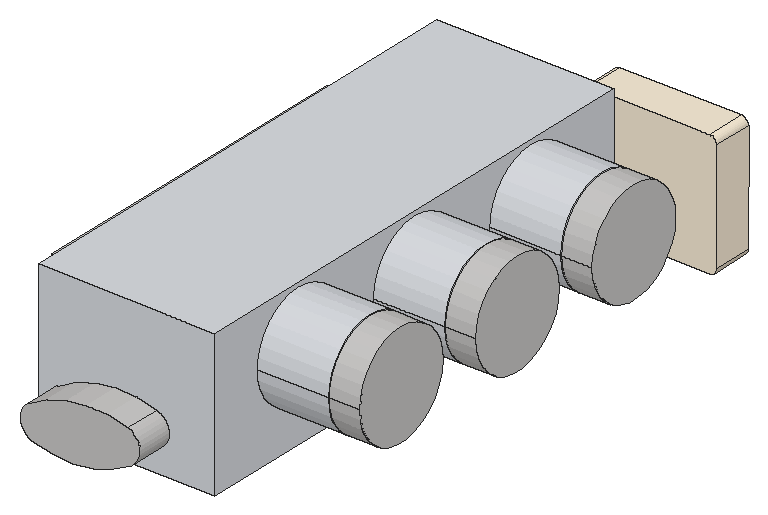
Revit family "HVAC_Ductwork_Airzone_Motorized-Plenum_Kaysun_Low-Profile_3-Dampers", category Mechanical Equipment, Revit 2016
Family settings
  Part Type = Normal
  Round Connector Dimension = Use Diameter
  OmniClass Number = 23.75.70.14
  OmniClass Title = Air Ductwork
  Work Plane-Based = No
  Always vertical = Yes
  Cut with Voids When Loaded = No
  Shared = No
  Room Calculation Point = No
Parameters (values of type "KAYSL01S3")
  Voltage = 230 V
  URL = "www.airzone.es"
  Type Image Comments = "Image available in product documentation download"  # constant formula
  Revit Model Version = "1.0"  # constant formula
  Revit Model Author URL = "www.a3d.es"
  Revit Model Author = "A3D Consulting"  # constant formula
  Product Documentation Download URL = "http://doc.airzone.es/BIM/Easyzone/Kaysun-Airzone_motorized_plenum.zip"
  Product Comments = "Refer to technical documentation for further details"  # constant formula
  Power Factor = 1
  Neck Width = 496.600 mm
  Neck Length = 40.000 mm
  Neck Height = 122.600 mm
  Material = Metal - AIRZONE - Galvanized Sheet - Semi-polished
  Main Control Board Material = Plastic - AIRZONE - Smooth - Off-white
  Load Classification = Other
  Insulated Body Width = 255.000 mm  # constant formula
  Insulated Body Material = Metal -AIRZONE - Insulating Lining -Aluminum Finish
  Insulated Body Length = 720.000 mm  # constant formula
  Insulated Body Height = 210.000 mm  # constant formula
  Flow [instance] = Damper 3 Air Flow + Damper 2 Air Flow + Damper 1 Air Flow - Fresh Air Inlet 2 Flow - Fresh Air Inlet 1 Flow  # 900 m³/h
  Fresh Air Inlet 1 Flow [instance] = 0 m³/h
  Fresh Air Inlet 2 Flow [instance] = 0 m³/h
  Fresh Air Inlet Connection Width = 175.000 mm
  Fresh Air Inlet Connection Height = 75.000 mm
  Model = "KAISL01S3"
  Neck Side Offset = 150.200 mm
  Neck Bottom Offset = 54.200 mm
  Type Image = <None>
  Manufacturer = "AIRZONE"  # constant formula
  Main Control Board Depth = 57.000 mm  # constant formula
  Main Control Board Width = 195.000 mm  # constant formula
  Main Control Board Height = 180.000 mm  # constant formula
  Fixing = ""
  Disclaimer = "All information provided in this model is reviewed before being published. However, Airzone cannot guarantee this model is error-free, therefore users are strongly encouraged to check for technical documentation and updates"  # constant formula
  Description = "Airzone low profile motorized plenum with neck that mechanically adapts to the main ducted AC units of Kaysun."
  Type Comments = ""
  Dampers Length = 149.000 mm  # constant formula
  Dampers Diameter = 150.000 mm  # constant formula
  Damper 1 Air Flow [instance] = 300 m³/h
  Damper 2 Air Flow [instance] = 300 m³/h
  Damper 3 Air Flow [instance] = 300 m³/h
  Fresh Air Inlet Connection Offset Height = 48.305 mm  # constant formula
  Compatible Accesories = ""
  Apparent Load = 57.5 VA
Reference planes
  plane 1 "Center (Front/Back)": y = 0
  plane 2 "Center (Elevation)": z = 0
  plane 3 "Center (Left/Right)": x = 0
  plane 4 "Neck Back": y = 248.3
  plane 5 "Neck Front": y = -248.3
  plane 6 "Neck Top": z = 61.3
  plane 7 "Neck Bottom": z = -61.3
  plane 8 "Left": x = 40
  plane 9 "Bottom": z = -115.5
  plane 10 "Top": z = 94.5
  plane 11 "Front": y = -321.5
  plane 12 "Back": y = 398.5
  plane 13 "Right": x = 295
  plane 14 "Dampers Front": x = 444
  plane 15 "Dampers Center (Elevation)": z = 14.5
  plane 16 "Damper3": y = -171.5
  plane 17 "Damper2": y = 38.5
  plane 18 "Damper1": y = 248.5
  plane 19 "Middle": y = 38.5
  plane 20 "FreshAir Center (Elevation)": z = -67.195
  plane 21 "FreshAir1": y = 451
  plane 22 "FreshAir2": y = -374
  plane 23 "Dampers Lining": x = 399
  plane 24 "FreshAir Vertical Axis": x = 142.04
  plane 25 "ConnectionBox Side": x = 249
  plane 26 "Main Control Board Center (Left/Right)": x = 346.5
Forms (mm)
  Extrusion 1, solid, material "Metal - AIRZONE - Galvanized Sheet - Semi-polished" <- "Material"
    sketch origin (0, 0, 0) x (0, 1, 0) y (0, 0, 1)
      loop
        line (-248.3, 61.3) -> (-248.3, -61.3) -> (248.3, -61.3) -> (248.3, 61.3) -> (-248.3, 61.3)
    from 0 to 40
  Extrusion 2, solid, material "Metal -AIRZONE - Insulating Lining -Aluminum Finish" <- "Insulated Body Material"
    sketch origin (40, 0, 0) x (0, 1, 0) y (0, 0, 1)
      loop
        line (-321.5, 94.5) -> (-321.5, -115.5) -> (398.5, -115.5) -> (398.5, 94.5) -> (-321.5, 94.5)
    from 0 to 255
  Extrusion 3, solid, material "Metal - AIRZONE - Galvanized Sheet - Semi-polished" <- "Material"
    sketch origin (295, 0, 0) x (0, 1, 0) y (0, 0, 1)
      loop
        circle (-171.5, 14.5) r 75
    from 104 to 149
  Extrusion 4, solid, material "Metal - AIRZONE - Galvanized Sheet - Semi-polished" <- "Material"
    sketch origin (295, 0, 0) x (0, 1, 0) y (0, 0, 1)
      loop
        circle (38.5, 14.5) r 75
    from 104 to 149
  Extrusion 5, solid, material "Metal - AIRZONE - Galvanized Sheet - Semi-polished" <- "Material"
    sketch origin (295, 0, 0) x (0, 1, 0) y (0, 0, 1)
      loop
        circle (248.5, 14.5) r 75
    from 104 to 149
  Extrusion 6, solid, material "Metal - AIRZONE - Galvanized Sheet - Semi-polished" <- "Material"
    sketch origin (0, -321.5, 0) x (0, 0, 1) y (1, 0, 0)
      loop
        arc (-34.641, 211.414) -> (-56.108, 228.315) -> (-80.812, 216.644) r 25.96
        arc (-80.812, 216.644) -> (-106.802, 146.808) -> (-99.349, 72.666) r 164.67
        arc (-99.349, 72.666) -> (-78.165, 55.799) -> (-53.494, 66.961) r 25.96
        arc (-53.494, 66.961) -> (-27.225, 136.99) -> (-34.641, 211.414) r 164.67
    from 0 to -52.5
  Extrusion 7, solid, material "Metal - AIRZONE - Galvanized Sheet - Semi-polished" <- "Material"
    sketch origin (0, 398.5, 0) x (0, 0, 1) y (1, 0, 0)
      loop
        arc (-34.641, 211.414) -> (-55.825, 228.281) -> (-80.496, 217.119) r 25.96
        arc (-80.496, 217.119) -> (-106.679, 147.74) -> (-99.767, 73.909) r 164.67
        arc (-99.767, 73.909) -> (-78.532, 55.847) -> (-53.178, 67.436) r 25.96
        arc (-53.178, 67.436) -> (-27.188, 137.272) -> (-34.641, 211.414) r 164.67
    from 0 to 52.5
  Extrusion 8, solid, material "Metal -AIRZONE - Insulating Lining -Aluminum Finish" <- "Insulated Body Material"
    sketch origin (295, 0, 0) x (0, 1, 0) y (0, 0, 1)
      loop
        circle (248.5, 14.5) r 75
    from 0 to 104
  Extrusion 9, solid, material "Metal -AIRZONE - Insulating Lining -Aluminum Finish" <- "Insulated Body Material"
    sketch origin (295, -260, 0) x (0, 1, 0) y (0, 0, 1)
      loop
        circle (298.5, 14.5) r 75
    from 0 to 104
  Extrusion 10, solid, material "Metal -AIRZONE - Insulating Lining -Aluminum Finish" <- "Insulated Body Material"
    sketch origin (295, -520, 0) x (0, 1, 0) y (0, 0, 1)
      loop
        circle (348.5, 14.5) r 75
    from 0 to 104
Lines and regions (mm)
  Masking region 1
    outline origin (0, 0, 0) x (1, 0, 0) y (0, 1, 0)
      loop
        line (40, 398.5) -> (40, -321.5) -> (295, -321.5) -> (295, 398.5) -> (40, 398.5)
  Masking region 2, detail levels medium+fine
    outline origin (0, 0, 0) x (1, 0, 0) y (0, 1, 0)
      loop
        line (0, 248.3) -> (0, -248.3) -> (40, -248.3) -> (40, 248.3) -> (0, 248.3)
  Masking region 3, detail levels medium+fine
    outline origin (0, 0, 0) x (1, 0, 0) y (0, 1, 0)
      loop
        line (295, -96.5) -> (295, -246.5) -> (444, -246.5) -> (444, -96.5) -> (295, -96.5)
  Masking region 4, detail levels medium+fine
    outline origin (0, 260, 0) x (1, 0, 0) y (0, 1, 0)
      loop
        line (295, -146.5) -> (295, -296.5) -> (444, -296.5) -> (444, -146.5) -> (295, -146.5)
  Masking region 5, detail levels medium+fine
    outline origin (0, 520, 0) x (1, 0, 0) y (0, 1, 0)
      loop
        line (295, -196.5) -> (295, -346.5) -> (444, -346.5) -> (444, -196.5) -> (295, -196.5)
  Masking region 6, detail levels medium+fine
    outline origin (0, 0, -67.195) x (1, 0, 0) y (0, 1, 0)
      loop
        line (54.54, 451) -> (54.54, 398.5) -> (229.54, 398.5) -> (229.54, 451) -> (54.54, 451)
  Masking region 7, detail levels medium+fine
    outline origin (0, 0, -67.195) x (1, 0, 0) y (0, 1, 0)
      loop
        line (54.54, -321.5) -> (54.54, -374) -> (229.54, -374) -> (229.54, -321.5) -> (54.54, -321.5)
  Masking region 8, detail levels medium+fine
    outline origin (0, 0, 94.5) x (0, -1, 0) y (1, 0, 0)
      loop
        line (-455.5, 249) -> (-398.5, 249) -> (-398.5, 444) -> (-455.5, 444) -> (-455.5, 249)
  symbolic lines, detail levels coarse
    curve 1: line (40, -321.5, 0) -> (295, 38.5, 0)
    curve 2: line (295, 38.5, 0) -> (40, 398.5, 0)
Dimensions and locks
  equal spacing: plane 4 "Neck Back", plane 1 "Center (Front/Back)", plane 5 "Neck Front"
  "Neck Width": plane 4 "Neck Back" to plane 5 "Neck Front"
  equal spacing: plane 6 "Neck Top", level, plane 7 "Neck Bottom"
  "Neck Height": plane 6 "Neck Top" to plane 7 "Neck Bottom"
  "Neck Length": plane 3 "Center (Left/Right)" to plane 8 "Left"
  "Neck Bottom Offset": plane 7 "Neck Bottom" to plane 9 "Bottom"
  "Insulated Body Height": plane 10 "Top" to plane 9 "Bottom"
  "Insulated Body Length": plane 12 "Back" to plane 11 "Front"
  "Insulated Body Width": plane 8 "Left" to plane 13 "Right"
  "Dampers Length": plane 13 "Right" to plane 14 "Dampers Front"
  plane 18 "Damper1" to plane 17 "Damper2" to plane 16 "Damper3" = 210.000 mm locked, 210.000 mm locked
  equal spacing: plane 12 "Back", plane 19 "Middle", plane 11 "Front"
  plane 8 "Left" to plane 13 "Right" = 255.000 mm
  "Fresh Air Inlet Connection Offset Height": plane 20 "FreshAir Center (Elevation)" to plane 9 "Bottom"
  locked: Extrusion 6 sketch curve to plane 9 "Bottom" at 56.47
  locked: Extrusion 6 sketch curve to plane 8 "Left" at 162.52
  locked: Extrusion 6 sketch curve to plane 8 "Left" at 41.56
  locked: Extrusion 6 sketch curve to plane 9 "Bottom" at 40.54
  locked: Extrusion 6 sketch curve to plane 8 "Left" at 118.3
  locked: plane 9 "Bottom" to Extrusion 6 sketch curve at 75.01
  locked: Extrusion 6 sketch curve to plane 8 "Left" at 85.78
  locked: Extrusion 6 sketch curve to plane 9 "Bottom" at 172.02
  locked: Extrusion 7 sketch curve to plane 8 "Left" at 162.52
  locked: Extrusion 7 sketch curve to plane 9 "Bottom" at 56.47
  locked: Extrusion 7 sketch curve to plane 9 "Bottom" at 40.54
  locked: Extrusion 7 sketch curve to plane 8 "Left" at 41.56
  locked: Extrusion 7 sketch curve to plane 8 "Left" at 85.78
  locked: Extrusion 7 sketch curve to plane 9 "Bottom" at 172.02
  locked: plane 9 "Bottom" to Extrusion 7 sketch curve at 75.01
  locked: Extrusion 7 sketch curve to plane 8 "Left" at 118.3
  "Neck Side Offset": plane 12 "Back" to plane 4 "Neck Back"
  equal spacing: plane 12 "Back", plane 17 "Damper2", plane 11 "Front"
  locked: plane 21 "FreshAir1" to plane 12 "Back" at 52.5
  plane 11 "Front" to plane 22 "FreshAir2" = 52.500 mm
  locked: connector elem to plane 24 "FreshAir Vertical Axis"  (x2)
  locked: plane 20 "FreshAir Center (Elevation)" to connector elem at 0
  locked: connector elem to plane 20 "FreshAir Center (Elevation)"
  locked: plane 23 "Dampers Lining" to plane 14 "Dampers Front" at 45
  locked: plane 8 "Left" to plane 24 "FreshAir Vertical Axis" at 102.04
  equal spacing: Masking region 3 sketch curve, plane 16 "Damper3", Masking region 3 sketch curve
  "Dampers Diameter": Masking region 3 sketch curve to Masking region 3 sketch curve
  equal spacing: Masking region 4 sketch curve, plane 17 "Damper2", Masking region 4 sketch curve
  "Dampers Diameter": Masking region 4 sketch curve to Masking region 4 sketch curve
  equal spacing: Masking region 5 sketch curve, plane 18 "Damper1", Masking region 5 sketch curve
  "Dampers Diameter": Masking region 5 sketch curve to Masking region 5 sketch curve
  equal spacing: Masking region 6 sketch curve, plane 24 "FreshAir Vertical Axis", Masking region 6 sketch curve
  "Fresh Air Inlet Connection Width": Masking region 6 sketch curve to Masking region 6 sketch curve
  equal spacing: Masking region 7 sketch curve, plane 24 "FreshAir Vertical Axis", Masking region 7 sketch curve
  "Fresh Air Inlet Connection Width": Masking region 7 sketch curve to Masking region 7 sketch curve
  "Main Control Board Depth": Masking region 8 sketch curve to plane 12 "Back"
  "Main Control Board Width": plane 25 "ConnectionBox Side" to plane 14 "Dampers Front"
  equal spacing: plane 25 "ConnectionBox Side", plane 26 "Main Control Board Center (Left/Right)", plane 14 "Dampers Front"
  locked: nested 1 to plane 10 "Top" at 10
  locked: plane 10 "Top" to plane 15 "Dampers Center (Elevation)" at 80
  "Dampers Diameter": diameter of Extrusion 3 sketch curve
  "Dampers Diameter": diameter of Extrusion 4 sketch curve
  "Dampers Diameter": diameter of Extrusion 5 sketch curve
  radius of Extrusion 7 sketch curve = 164.670 mm  (x2)
  radius of Extrusion 7 sketch curve = 25.960 mm  (x2)
  radius of Extrusion 6 sketch curve = 164.670 mm  (x2)
  radius of Extrusion 6 sketch curve = 25.960 mm  (x2)
  "Dampers Diameter": diameter of Extrusion 8 sketch curve
  "Dampers Diameter": diameter of Extrusion 9 sketch curve
  "Dampers Diameter": diameter of Extrusion 10 sketch curve
  aligned and locked: level to plane 2 "Center (Elevation)"
  aligned and locked: plane 5 "Neck Front" to Extrusion 1 sketch curve
  aligned and locked: Extrusion 1 sketch curve to plane 6 "Neck Top"
  aligned and locked: Extrusion 1 sketch curve to plane 4 "Neck Back"
  aligned and locked: plane 7 "Neck Bottom" to Extrusion 1 sketch curve
  aligned and locked: Extrusion 1 to plane 3 "Center (Left/Right)"
  aligned and locked: Extrusion 2 sketch curve to plane 10 "Top"
  aligned and locked: Extrusion 2 sketch curve to plane 12 "Back"
  aligned and locked: plane 9 "Bottom" to Extrusion 2 sketch curve
  aligned and locked: plane 11 "Front" to Extrusion 2 sketch curve
  aligned and locked: plane 13 "Right" to Extrusion 2
  aligned and locked: Extrusion 2 to plane 8 "Left"
  aligned and locked: plane 16 "Damper3" to Extrusion 3 sketch curve
  aligned and locked: plane 15 "Dampers Center (Elevation)" to Extrusion 3 sketch curve
  aligned and locked: plane 17 "Damper2" to Extrusion 4 sketch curve
  aligned and locked: plane 15 "Dampers Center (Elevation)" to Extrusion 4 sketch curve
  aligned and locked: plane 18 "Damper1" to Extrusion 5 sketch curve
  aligned and locked: plane 15 "Dampers Center (Elevation)" to Extrusion 5 sketch curve
  aligned and locked: plane 14 "Dampers Front" to Extrusion 5
  aligned and locked: plane 14 "Dampers Front" to Extrusion 4
  aligned and locked: plane 14 "Dampers Front" to Extrusion 3
  aligned and locked: plane 8 "Left" to Extrusion 1
  aligned and locked: plane 22 "FreshAir2" to Extrusion 6
  aligned and locked: plane 21 "FreshAir1" to Extrusion 7
  aligned and locked: Extrusion 7 to plane 12 "Back"
  aligned and locked: plane 11 "Front" to Extrusion 6
  aligned and locked: Extrusion 5 to plane 23 "Dampers Lining"
  aligned and locked: Extrusion 5 to Extrusion 4
  aligned and locked: Extrusion 4 to Extrusion 3
  aligned and locked: plane 23 "Dampers Lining" to Extrusion 8
  aligned and locked: Extrusion 10 to plane 13 "Right"
  aligned and locked: plane 23 "Dampers Lining" to Extrusion 10
  aligned and locked: Extrusion 9 to plane 13 "Right"
  aligned and locked: plane 23 "Dampers Lining" to Extrusion 9
  aligned and locked: Extrusion 8 to plane 13 "Right"
  aligned and locked: Extrusion 9 to Extrusion 8
  aligned and locked: plane 18 "Damper1" to Extrusion 8 sketch curve
  aligned and locked: plane 15 "Dampers Center (Elevation)" to Extrusion 8 sketch curve
  aligned and locked: plane 17 "Damper2" to Extrusion 9 sketch curve
  aligned and locked: plane 15 "Dampers Center (Elevation)" to Extrusion 9 sketch curve
  aligned and locked: plane 16 "Damper3" to Extrusion 10 sketch curve
  aligned and locked: plane 15 "Dampers Center (Elevation)" to Extrusion 10 sketch curve
  aligned and locked: Masking region 1 sketch curve to plane 12 "Back"
  aligned and locked: plane 8 "Left" to Masking region 1 sketch curve
  aligned and locked: Masking region 1 sketch curve to plane 13 "Right"
  aligned and locked: plane 11 "Front" to Masking region 1 sketch curve
  aligned and locked: plane 5 "Neck Front" to Masking region 2 sketch curve
  aligned and locked: plane 3 "Center (Left/Right)" to Masking region 2 sketch curve
  aligned and locked: Masking region 2 sketch curve to plane 4 "Neck Back"
  aligned and locked: Masking region 2 sketch curve to plane 8 "Left"
  aligned and locked: plane 13 "Right" to Masking region 3 sketch curve
  aligned and locked: Masking region 3 sketch curve to plane 14 "Dampers Front"
  aligned and locked: plane 13 "Right" to Masking region 4 sketch curve
  aligned and locked: Masking region 4 sketch curve to plane 14 "Dampers Front"
  aligned and locked: plane 13 "Right" to Masking region 5 sketch curve
  aligned and locked: Masking region 5 sketch curve to plane 14 "Dampers Front"
  aligned and locked: plane 12 "Back" to Masking region 6 sketch curve
  aligned and locked: Masking region 6 sketch curve to plane 21 "FreshAir1"
  aligned and locked: Masking region 7 sketch curve to plane 11 "Front"
  aligned and locked: Masking region 7 sketch curve to plane 22 "FreshAir2"
  aligned and locked: plane 12 "Back" to Masking region 8 sketch curve
  aligned and locked: Masking region 8 sketch curve to plane 14 "Dampers Front"
  aligned and locked: plane 25 "ConnectionBox Side" to Masking region 8 sketch curve
  aligned and locked: nested 1 to plane 26 "Main Control Board Center (Left/Right)"
Automatic sketch dimensions
  curve 2 to plane 8 "Left" = 0.000 mm
  curve 1 to plane 8 "Left" = 0.000 mm
  curve 1 to plane 13 "Right" = 0.000 mm
  curve 1 to plane 11 "Front" = 0.000 mm
  curve 2 to plane 17 "Damper2" = 0.000 mm
  curve 2 to plane 12 "Back" = 0.000 mm
Nested families
  nested 1: "Airzone_Main-Control-Board" at (346.5, 398.5, -5.5) x (-1, 0, 0) z (0, 1, 0), Extrusion <- "Main Control Board Depth", Height <- "Main Control Board Height", Width <- "Main Control Board Width", Material <- "Main Control Board Material", type "Standard"
    with Width 195.000 mm, Material Plastic - AIRZONE - Smooth - Off-white, Height 180.000 mm, Extrusion 57.000 mm
Connectors
  hvac at (444, -171.5, 14.5), driven by "Damper 3 Air Flow", driven by "Dampers Diameter"
    settings: on Extrusion 3, index 1, duct flow 300 m³/h, flow factor 0, pres drop 0.0 Pa, loss coef 0, conn angle 0.00°, conn width 304.8 mm, conn height 304.8 mm, conn diameter 150 mm, duct sys type 1, conn prof type 0, flow config 0, flow direction 2, loss method 0, conn ref index -1, conn util no, is conn primary no, conn desc "Supply Air Out 3"
  hvac at (444, 38.5, 14.5), driven by "Damper 2 Air Flow", driven by "Dampers Diameter"
    settings: on Extrusion 4, index 2, duct flow 300 m³/h, flow factor 0, pres drop 0.0 Pa, loss coef 0, conn angle 0.00°, conn width 304.8 mm, conn height 304.8 mm, conn diameter 150 mm, duct sys type 1, conn prof type 0, flow config 0, flow direction 2, loss method 0, conn ref index -1, conn util no, is conn primary no, conn desc "Supply Air Out 2"
  hvac at (444, 248.5, 14.5), driven by "Damper 1 Air Flow", driven by "Dampers Diameter"
    settings: on Extrusion 5, index 3, duct flow 300 m³/h, flow factor 0, pres drop 0.0 Pa, loss coef 0, conn angle 0.00°, conn width 304.8 mm, conn height 304.8 mm, conn diameter 150 mm, duct sys type 1, conn prof type 0, flow config 0, flow direction 2, loss method 0, conn ref index -1, conn util no, is conn primary no, conn desc "Supply Air Out 1"
  hvac at (0, 0, 0), driven by "Flow", driven by "Neck Height", driven by "Neck Width"
    settings: on Extrusion 1, index 6, duct flow 900 m³/h, flow factor 0, pres drop 0.0 Pa, loss coef 0, conn angle 0.00°, conn width 496.6 mm, conn height 122.6 mm, conn diameter 609.6 mm, duct sys type 1, conn prof type 1, flow config 1, flow direction 1, loss method 0, conn ref index -1, conn util no, is conn primary yes, conn desc "Supply Air In"
  hvac at (142.04, -374, -67.195), driven by "Fresh Air Inlet 2 Flow", driven by "Fresh Air Inlet Connection Width", driven by "Fresh Air Inlet Connection Height"
    settings: index 7, duct flow 0 m³/h, flow factor 0, pres drop 0.0 Pa, loss coef 0, conn angle 0.00°, conn width 175 mm, conn height 75 mm, conn diameter 609.6 mm, duct sys type 1, conn prof type 2, flow config 1, flow direction 1, loss method 0, conn ref index -1, conn util no, is conn primary no, conn desc "Fresh Air In 2"
  hvac at (142.04, 451, -67.195), driven by "Fresh Air Inlet 1 Flow", driven by "Fresh Air Inlet Connection Height", driven by "Fresh Air Inlet Connection Width"
    settings: index 8, duct flow 0 m³/h, flow factor 0, pres drop 0.0 Pa, loss coef 0, conn angle 0.00°, conn width 175 mm, conn height 75 mm, conn diameter 609.6 mm, duct sys type 1, conn prof type 2, flow config 1, flow direction 1, loss method 0, conn ref index -1, conn util no, is conn primary no, conn desc "Fresh Air In 1"
  electrical at (346.5, 455.5, -5.5), driven by "Load Classification", driven by "Voltage", driven by "Apparent Load", driven by "Power Factor"
    settings: on nested 1, index 9, voltage 230 V, apparent load 57.5 VA, apparent load phase1 0 VA, apparent load phase2 0 VA, apparent load phase3 0 VA, power factor 1, load classification "Other", number of poles 1, system type 30, power factor state 1, is connector primary yes, connector utility no, sub classification motor no, connector description "Power Supply"
Definition of nested family "Airzone_Main-Control-Board"
  Parameters (values of type "Standard")
    Width [instance] = 195.000 mm
    URL = "www.airzone.es"
    Revit Model Version = "1.0"  # constant formula
    Revit Model Author URL = "www.a3d.es"
    Revit Model Author = "A3D Consulting"  # constant formula
    Material [instance] = none
    Manufacturer = "AIRZONE"  # constant formula
    Height [instance] = 180.000 mm
    Extrusion [instance] = 57.000 mm
    Default Elevation = 0.000 mm
  Reference planes
    plane 1 "Center (Front/Back)": y = 0
    plane 2: z = 0
    plane 3 "Center (Left/Right)": x = 0
    plane 4: y = 90
    plane 5: y = -90
    plane 6: x = 97.5
    plane 7: x = -97.5
  Forms (mm)
    Extrusion 1, solid, material <- "Material"
      sketch origin (0, 0, 0) x (1, 0, 0) y (0, 1, 0)
        loop
          arc (-87.5, 90) -> (-94.571, 87.071) -> (-97.5, 80) r 10
          line (-97.5, 80) -> (-97.5, -80)
          arc (-97.5, -80) -> (-94.571, -87.071) -> (-87.5, -90) r 10
          line (-87.5, -90) -> (87.5, -90)
          arc (87.5, -90) -> (94.571, -87.071) -> (97.5, -80) r 10
          line (97.5, -80) -> (97.5, 80)
          arc (97.5, 80) -> (94.571, 87.071) -> (87.5, 90) r 10
          line (87.5, 90) -> (-87.5, 90)
      from 0 to 57 <- "Extrusion"
  Dimensions and locks
    equal spacing: plane 7, plane 3 "Center (Left/Right)", plane 6
    equal spacing: plane 4, plane 1 "Center (Front/Back)", plane 5
    "Width": plane 7 to plane 6
    "Height": plane 4 to plane 5
    radius of Extrusion 1 sketch curve = 10.000 mm  (x4)
    aligned and locked: level to plane 2
    aligned and locked: plane 5 to Extrusion 1 sketch curve
    aligned and locked: Extrusion 1 sketch curve to plane 6
    aligned and locked: Extrusion 1 sketch curve to plane 4
    aligned and locked: plane 7 to Extrusion 1 sketch curve
